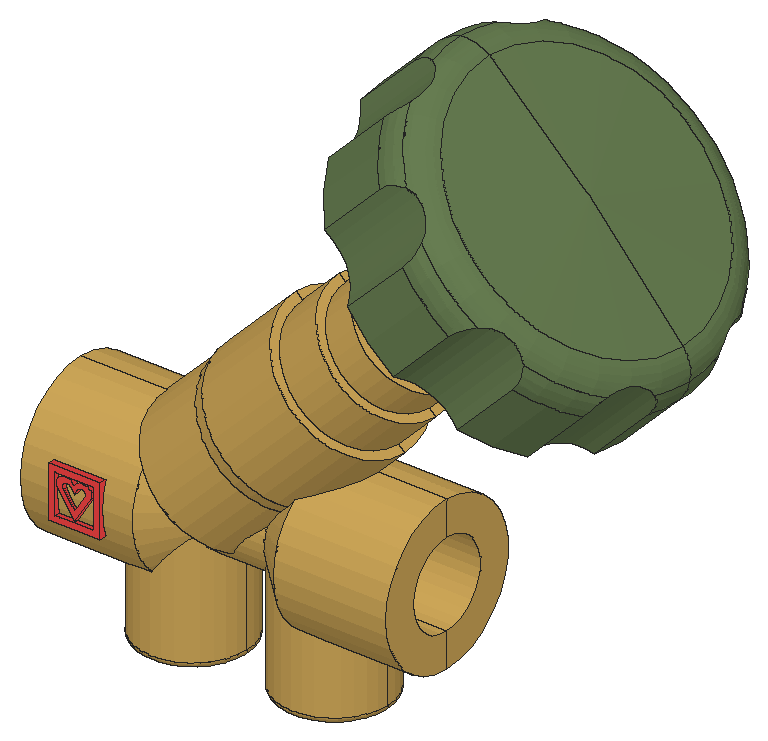
Revit family "Absperrventil 4125 WD", category Rohrzubehör, Revit 2018
Family settings
  Bemaßung runder Anschluss = Durchmesser verwenden
  Teiletyp = Unterbricht
  OmniClass-Nummer = 23.65.55.14
  OmniClass-Titel = Valves for Liquid Services
  Arbeitsebenenbasiert = Nein
  Immer vertikal = Ja
  Beim Laden mit Abzugskörper schneiden = Nein
  Gemeinsam genutzt = Nein
Parameters
  W01 = 45.00°  # constant formula
  URL = "www.herz-armaturen.at"
  Technische möglicher Einsatz = " "  # constant formula
  Spindel = "Messing CW617N"  # constant formula
  SW01 = 60.00°  # constant formula
  SC_NennweiteBerechnet = 0
  SC_Dimension = ""
  SCTWSEQ = "FW_SBT_TYP_FW=\"109\";2"
  SCTWCODE = "04;00;02"  # constant formula
  S03 = 60 mm  # constant formula
  S02 [instance] = L06 + L09 + L12 + L15  # 77.9 mm
  S01 [instance] = R01 * 2  # 27 mm
  R12 [instance] = R01 - 1 mm  # 12.5 mm
  R11 [instance] = size_lookup("4125WD_", "R11", 46.5 mm, Nennweite)  # 5.1 mm
  R100 = 1 mm  # constant formula
  R10 [instance] = size_lookup("4125WD_", "R10", 46.5 mm, Nennweite)  # 8 mm
  R09 [instance] = size_lookup("4125WD_", "R9", 46.5 mm, Nennweite)  # 10.5 mm
  R08 [instance] = size_lookup("4125WD_", "R8", 46.5 mm, Nennweite)  # 12 mm
  R07 [instance] = size_lookup("4125WD_", "R7", 46.5 mm, Nennweite)  # 13.5 mm
  R06 [instance] = size_lookup("4125WD_", "R6", 43 mm, Nennweite)  # 13 mm
  R05 [instance] = Nennweite / 2  # 7.5 mm
  R03 = 9.5 mm  # constant formula
  R02 [instance] = Nennweite / 2  # 7.5 mm
  R01 [instance] = size_lookup("4125WD_", "R1", 11.5 mm, Nennweite)  # 13.5 mm
  Oberteil = "entzinkungsbeständiges Messing CW626N"  # constant formula
  Nennweite [instance] = 15 mm
  Min. Durchfluss bei Dp 10 kPa [instance] = if(Nennweite = 15 mm, 0.5 L/s, if(Nennweite = 20 mm, 1.0 L/s, if(Nennweite = 25 mm, 1.75 L/s, if(Nennweite = 32 mm, 3.0 L/s, if(Nennweite = 40 mm, 4.0 L/s, if(Nennweite = 50 mm, 6.75 L/s, if(Nennweite = 65 mm, 11.0 L/s, if(Nennweite = 80 mm, 16.0 L/s, 0.0 L/s))))))))  # 0.5 L/s
  Medium = "Trinkwasser"  # constant formula
  Max. Gebrauchstemperatur (ÖVGW) = 65 °C  # constant formula
  Max. Differenzdruck auf geschlossenen Sitz = 1000000.0 Pa  # constant formula
  Max. Betriebstemperatur = 80 °C  # constant formula
  Max. Betriebsdruck (ÖVGW) = 1000000.0 Pa  # constant formula
  Max. Betriebsdruck = 2000000.0 Pa  # constant formula
  L16 [instance] = L01 / 2  # 10 mm
  L15 [instance] = size_lookup("4125WD_", "L15", 12.4 mm, Nennweite)  # 12.4 mm
  L14 [instance] = size_lookup("4125WD_", "L14", 81 mm, Nennweite)  # 6 mm
  L12 [instance] = size_lookup("4125WD_", "L12", 81 mm, Nennweite)  # 26 mm
  L11 [instance] = size_lookup("4125WD_", "L11", 60 mm, Nennweite)  # 6.7 mm
  L10 [instance] = size_lookup("4125WD_", "L10", 20 mm, Nennweite)  # 9.3 mm
  L09 [instance] = size_lookup("4125WD_", "L9", 11 mm, Nennweite)  # 17 mm
  L08 [instance] = size_lookup("4125WD_", "L8", 35 mm, Nennweite)  # 20 mm
  L07 [instance] = size_lookup("4125WD_", "L7", 35 mm, Nennweite)  # 12.5 mm
  L06 [instance] = size_lookup("4125WD_", "L6", 118 mm, Nennweite) - L09  # 22.5 mm
  L03 = 15 mm  # constant formula
  L02 [instance] = size_lookup("4125WD_", "L2", 22 mm, Nennweite)  # 6 mm
  L01 [instance] = size_lookup("4125WD_", "L1", 48 mm, Nennweite)  # 20 mm
  L00 [instance] = size_lookup("4125WD_", "L", 180 mm, Nennweite)  # 65 mm
  Kegel = "entzinkungsbeständiges Messing CW626N"  # constant formula
  Hinweis = "Gemäß Art 33 der REACH-Verordnung (EG Nr. 1907/2006) sind wir verpflichtet, darauf hinzuweisen, dass der Stoff Blei auf der SVHC-Liste geführt wird und dass alle aus Messing bestehenden Bauteile, die in unseren Erzeugnissen verarbeitet sind, mehr als 0,1 % (w/w) Blei (CAS: 7439-92-1 / EINECS: 231-100-4) enthalten.\r\nDa Blei als Legierungsbestandteil fest gebunden ist, sind keine Expositionen zu erwarten und daher sind keine zusätzlichen Angaben zur sicheren Verwendung notwendig."
  Hersteller = "HERZ Armaturen Ges.m.b.H."  # constant formula
  Handrad = "Kunststoff, grün"  # constant formula
  H01 [instance] = size_lookup("4125WD_", "H1", 53 mm, Nennweite)  # 24 mm
  Gelegentliche Temperaturanstiege = "bis 95°C, wenn sie nicht länger als 1 h andauern"  # constant formula
  Gehäuse = "entzinkungsbeständiges Gussmessing CC770S"  # constant formula
  Dichtungen = "EPDM nach KTW"  # constant formula
  DN80 [instance] = Nennweite = 80 mm  # no
  DN65 [instance] = Nennweite = 65 mm  # no
  DN50 [instance] = Nennweite = 50 mm  # no
  DN40 [instance] = Nennweite = 40 mm  # no
  DN32 [instance] = Nennweite = 32 mm  # no
  DN25 [instance] = Nennweite = 25 mm  # no
  DN20 [instance] = Nennweite = 20 mm  # no
  DN15 [instance] = Nennweite = 15 mm  # yes
  Bestellnummer [instance] = size_lookup("4125WD_", "Artnr", 0, Nennweite)  # 2412561
  Anwendungsgebiet = "Zum Absperren von Trinkwasserleitungen in Gebäuden."
Reference planes
  plane 1 "Mitte (Vorne/hinten)": y = 0
  plane 2: z = 0
  plane 3 "Mitte (Links/rechts)": x = 0
Forms (mm)
  Revolve 1, solid, material "Messing, weicher Gelbton, geschweißt", detail levels fine
    sketch origin (470, 0, 0) x (1, 0, 0) y (0, 0, 1)
      loop
        line (-502.5, 7.5) -> (-487.5, 7.5) -> (-487.5, 0) -> (-452.5, 0) -> (-452.5, 7.5) -> (-437.5, 7.5) -> (-437.5, 13.5) -> (-457.5, 13.5) -> (-464, 7.5) -> (-476, 7.5) -> (-482.5, 13.5) -> (-502.5, 13.5) -> (-502.5, 7.5)
      axis (-502.5, 0) -> (-437.5, 0)
    angle from 0 to 360
  Revolve 2, solid, material "Messing, weicher Gelbton, geschweißt", detail levels fine
    sketch origin (470, 0, 0) x (1, 0, 0) y (0, 0, 1)
      loop
        line (-492, 0) -> (-492, -23)
        arc (-492, -23) -> (-491.707, -23.707) -> (-491, -24) r 1
        line (-491, -24) -> (-482.5, -24) -> (-482.5, 0) -> (-492, 0)
      axis (-482.5, 0) -> (-482.5, -24)
    angle from 0 to 360
  Revolve 3, solid, material "Messing, weicher Gelbton, geschweißt", detail levels fine
    sketch origin (-470, 0, 0) x (-1, 0, 0) y (0, 0, 1)
      loop
        line (-492, 0) -> (-492, -23)
        arc (-492, -23) -> (-491.707, -23.707) -> (-491, -24) r 1
        line (-491, -24) -> (-482.5, -24) -> (-482.5, 0) -> (-492, 0)
      axis (-482.5, 0) -> (-482.5, -24)
    angle from 0 to 360
  Revolve 4, solid, material "Messing, weicher Gelbton, geschweißt", detail levels fine
    sketch origin (0.32, 0, -0.105) x (1, 0, 0) y (0, 0, 1)
      loop
        line (-12.82, 0) -> (42.264, 55.084) -> (38.657, 58.69) -> (29.889, 49.922) -> (27.839, 51.972) -> (20.767, 44.901) -> (19, 46.669) -> (14.262, 41.931) -> (13.201, 42.992) -> (6.625, 36.416) -> (5.565, 37.477) -> (-6.456, 25.456) -> (-7.87, 23.335) -> (-17.77, 13.435) -> (-18.123, 5.303) -> (-12.82, 0)
      axis (-12.82, 0) -> (42.264, 55.084)
    angle from 0 to 360
Lines and regions (mm)
  model lines, detail levels coarse+medium
    curve 1: line (-32.5, 0, 13.5) -> (-32.5, 0, -13.5)
    curve 2: line (-32.5, 0, -13.5) -> (32.5, 0, 13.5)
    curve 3: line (32.5, 0, 13.5) -> (32.5, 0, -13.5)
    curve 4: line (32.5, 0, -13.5) -> (-32.5, 0, 13.5)
    curve 5: line (0, 0, 0) -> (38.95, 0, 67.463)
    curve 6: line (12.969, 0, 82.463) -> (64.931, 0, 52.463)
    curve 7: line (-32.5, 13.5, 0) -> (-32.5, -13.5, 0)
    curve 8: line (-32.5, -13.5, 0) -> (32.5, 13.5, 0)
    curve 9: line (32.5, 13.5, 0) -> (32.5, -13.5, 0)
    curve 10: line (32.5, -13.5, 0) -> (-32.5, 13.5, 0)
    curve 11: line (0, 0, 0) -> (38.95, 67.463, 0)
    curve 12: line (12.969, 82.463, 0) -> (64.931, 52.463, 0)
Dimensions and locks
  "H01": plane 2 to Revolve 2 sketch curve
  "L00": Revolve 1 sketch curve to Revolve 1 sketch curve
  equal spacing: Revolve 1 sketch curve, plane 3 "Mitte (Links/rechts)", Revolve 1 sketch curve
  "R01": Revolve 1 sketch curve to Revolve 1 sketch curve  (x2)
  "R02": Revolve 1 sketch curve to Revolve 1 sketch curve  (x3)
  "L01": Revolve 1 sketch curve to Revolve 1 sketch curve  (x2)
  "L02": plane 3 "Mitte (Links/rechts)" to Revolve 1 sketch curve
  "L02": Revolve 1 sketch curve to plane 3 "Mitte (Links/rechts)"
  "L03": Revolve 1 sketch curve to Revolve 1 sketch curve  (x2)
  "L01": Revolve 1 to Revolve 2 sketch curve
  "R03": Revolve 2 sketch curve to Revolve 2 sketch curve
  "L01": Revolve 3 sketch curve to Revolve 1
  "R03": Revolve 3 sketch curve to Revolve 3 sketch curve
  "H01": plane 2 to Revolve 3 sketch curve
  "R07": Revolve 4 sketch curve to Revolve 4 sketch curve
  "L07": plane 3 "Mitte (Links/rechts)" to Revolve 4 sketch curve
  "R05": Revolve 4 sketch curve to Revolve 4 sketch curve
  "L06": Revolve 4 sketch curve to Revolve 4 sketch curve
  "L08": Revolve 4 sketch curve to Revolve 4 sketch curve
  "R06": Revolve 4 sketch curve to Revolve 4 sketch curve
  "L14": Revolve 4 sketch curve to Revolve 4 sketch curve
  "L09": Revolve 4 sketch curve to Revolve 4 sketch curve
  "R08": Revolve 4 sketch curve to Revolve 4 sketch curve
  "L10": Revolve 4 sketch curve to Revolve 4 sketch curve
  "R09": Revolve 4 sketch curve to Revolve 4 sketch curve
  "R10": Revolve 4 sketch curve to Revolve 4 sketch curve
  "L12": Revolve 4 sketch curve to Revolve 4 sketch curve
  "R11": Revolve 4 sketch curve to Revolve 4 sketch curve
  "L15": Revolve 4 sketch curve to Revolve 4 sketch curve
  "L11": Revolve 4 sketch curve to Revolve 4 sketch curve
  "R12": nested 9 to plane 1 "Mitte (Vorne/hinten)"
  "L16": Revolve 1 to nested 9
  equal spacing: curve 1, plane 3 "Mitte (Links/rechts)", curve 3
  "L00": curve 1 to curve 3
  equal spacing: curve 4, plane 2, curve 2
  "S01": curve 4 to curve 2
  equal spacing: curve 3, plane 2, curve 4
  "S01": curve 3 to curve 4
  "S02": curve 5 to curve 5
  equal spacing: curve 6, curve 5, curve 6
  "S03": curve 6 to curve 6
  equal spacing: curve 7, plane 3 "Mitte (Links/rechts)", curve 9
  "L00": curve 7 to curve 9
  equal spacing: curve 8, plane 1 "Mitte (Vorne/hinten)", curve 10
  "S01": curve 10 to curve 8
  equal spacing: curve 10, plane 1 "Mitte (Vorne/hinten)", curve 9
  "S01": curve 9 to curve 10
  "S02": curve 11 to curve 11
  equal spacing: curve 12, curve 11, curve 12
  "S03": curve 12 to curve 12
  "R100": radius of Revolve 2 sketch curve
  "R100": radius of Revolve 3 sketch curve
  "W01": angle plane 2 to Revolve 4 sketch curve
  "W01": angle level to Revolve 4 sketch curve
  "SW01": angle plane 2 to curve 5
  "SW01": angle plane 1 "Mitte (Vorne/hinten)" to curve 11
  aligned and locked: level to plane 2
Automatic sketch dimensions
  curve 5 to level = 0 mm
  plane 1 "Mitte (Vorne/hinten)" to curve 11 = 0 mm
  Revolve 1 sketch curve to level = 0 mm  (x2)
  Revolve 1 sketch curve to Revolve 1 sketch curve = 791.99 mm
  Revolve 1 sketch curve to Revolve 1 sketch curve = 2278.983 mm
  Revolve 2 sketch curve to level = 0 mm  (x2)
  Revolve 2 sketch curve to Revolve 2 sketch curve = 0 mm
  Revolve 2 sketch curve to Revolve 2 sketch curve = 0.292 mm
  Revolve 3 sketch curve to level = 0 mm  (x2)
  Revolve 3 sketch curve to Revolve 3 sketch curve = 0 mm
  Revolve 3 sketch curve to Revolve 3 sketch curve = 0.292 mm
  Revolve 4 sketch curve to level = 0.105 mm
  Revolve 4 sketch curve to Revolve 4 sketch curve = 0 mm  (x2)
Nested families
  nested 1: "Strömax-Handrad_Schrägsitz (Grün)" at (42.584, 0, 54.979), visible <- "DN15", type "Strömax-Handrad_Schrägsitz (Grün)", detail levels fine
    with Nennweite 0 mm, Gewicht 0.00 kg, Bestellnummer 0
  nested 2: "Strömax-Handrad_Schrägsitz (Grün)" at (54.312, 0, 67.707), visible <- "DN20", type "Strömax-Handrad_Schrägsitz (Grün)", detail levels fine
    with Nennweite 0 mm, Gewicht 0.00 kg, Bestellnummer 0
  nested 3: "Strömax-Handrad_Schrägsitz (Grün)" at (62.469, 0, 80.364), visible <- "DN25", type "Strömax-Handrad_Schrägsitz (Grün)", detail levels fine
    with Nennweite 0 mm, Gewicht 0.00 kg, Bestellnummer 0
  nested 4: "Strömax-Handrad_Schrägsitz (Grün)" at (71.712, 0, 91.607), visible <- "DN32", type "Strömax-Handrad_Schrägsitz (Grün)", detail levels fine
    with Nennweite 0 mm, Gewicht 0.00 kg, Bestellnummer 0
  nested 5: "Strömax-Handrad_Schrägsitz (Grün)" at (80.399, 0, 101.294), visible <- "DN40", type "Strömax-Handrad_Schrägsitz (Grün)", detail levels fine
    with Nennweite 0 mm, Gewicht 0.00 kg, Bestellnummer 0
  nested 6: "Strömax-Handrad_Schrägsitz (Grün)" at (97.83, 0, 129.225), visible <- "DN50", type "Strömax-Handrad_Schrägsitz (Grün)", detail levels fine
    with Nennweite 0 mm, Gewicht 0.00 kg, Bestellnummer 0
  nested 7: "Strömax-Handrad_Schrägsitz (Grün)" at (114.482, 0, 149.378), visible <- "DN65", type "Strömax-Handrad_Schrägsitz (Grün)", detail levels fine
    with Nennweite 0 mm, Gewicht 0.00 kg, Bestellnummer 0
  nested 8: "Strömax-Handrad_Schrägsitz (Grün)" at (140.423, 0, 183.319), visible <- "DN80", type "Strömax-Handrad_Schrägsitz (Grün)", detail levels fine
    with Nennweite 0 mm, Gewicht 0.00 kg, Bestellnummer 0
  nested 9: "Herz-Logo-vorne" at (-22.5, -13.232, 0) x (0, 1, 0) z (0, 0, 1), type "Herz-Logo-vorne", detail levels fine
Connectors
  piping at (-17.5, 0, 0), diameter 15, driven by "Nennweite"
    settings: on Revolve 1, index 1, connector inside diameter 609.6 mm, connector length 0 mm, flow factor 0, pipe flow 0.0 L/s, pressure drop 0.0 Pa, fitting loss kfactor 0, connector angle 0.00°, fixture units 0, engagement length 0 mm, angle of deflection 0.00°, flow configuration 0, flow direction 1, fitting loss method 0, system type 29, joint type 0, gender type 0, connector reference index -1, connector utility 0, adjustable connector no, is connector primary yes, connector description ""
  piping at (17.5, 0, 0), diameter 15, driven by "Nennweite"
    settings: on Revolve 1, index 2, connector inside diameter 609.6 mm, connector length 0 mm, flow factor 0, pipe flow 0.0 L/s, pressure drop 0.0 Pa, fitting loss kfactor 0, connector angle 0.00°, fixture units 0, engagement length 0 mm, angle of deflection 0.00°, flow configuration 0, flow direction 2, fitting loss method 0, system type 29, joint type 0, gender type 0, connector reference index -1, connector utility 0, adjustable connector no, is connector primary no, connector description ""
Definition of nested family "Strömax-Handrad_Schrägsitz (Grün)"
  Parameters (values of type "Strömax-Handrad_Schrägsitz (Grün)")
    URL = "www.herz-armaturen.at"
    Nennweite [instance] = 0 mm
    Manufacturer = "Herz Armaturen GmbH"  # constant formula
    Gewicht [instance] = 0.00 kg
    Bestellnummer [instance] = 0
  Reference planes
    plane 1 "Mitte (Vorne/hinten)": y = 0
    plane 2: z = 0
    plane 3 "Mitte (Links/rechts)": x = 0
  Forms (mm)
    Revolve 1, solid
      sketch origin (0, 0, 0) x (0.707107, 0, -0.707107) y (0.707107, 0, 0.707107)
        loop
          line (0, 0) -> (0, 22)
          arc (0, 22) -> (-12.15, 21.705) -> (-24.271, 20.819) r 250
          arc (-24.271, 20.819) -> (-26.831, 19.959) -> (-28.754, 18.063) r 6
          arc (-28.754, 18.063) -> (-29.682, 16.008) -> (-30, 13.776) r 8
          line (-30, 13.776) -> (-30, 0) -> (0, 0)
        axis (0, 22) -> (0, 0)
      angle from 0 to 360
    Extrusion 2, void
      sketch origin (0, 0, 0) x (0.707107, 0, -0.707107) y (0, 1, 0)
        loop
          circle (14.351, -34.645) r 10
      from 0 to 22
    Extrusion 3, void
      sketch origin (0, 0, 0) x (-0.707107, 0, 0.707107) y (0, -1, 0)
        loop
          circle (14.351, 34.645) r 10
      from 0 to 22
    Extrusion 4, void
      sketch origin (0, 0, 0) x (0, -1, 0) y (0.707107, 0, -0.707107)
        loop
          circle (14.351, 34.645) r 10
      from 0 to 22
    Extrusion 5, void
      sketch origin (0, 0, 0) x (0, 1, 0) y (-0.707107, 0, 0.707107)
        loop
          circle (14.351, -34.645) r 10
      from 0 to 22
    Extrusion 6, void
      sketch origin (0, 0, 0) x (0, -1, 0) y (0.707107, 0, -0.707107)
        loop
          circle (14.351, -34.645) r 10
      from 0 to 22
    Extrusion 7, void
      sketch origin (0, 0, 0) x (0, 1, 0) y (-0.707107, 0, 0.707107)
        loop
          circle (14.351, 34.645) r 10
      from 0 to 22
    Extrusion 8, void
      sketch origin (0, 0, 0) x (0.707107, 0, -0.707107) y (0, 1, 0)
        loop
          circle (14.351, 34.645) r 10
      from 0 to 22
    Extrusion 9, void
      sketch origin (0, 0, 0) x (-0.707107, 0, 0.707107) y (0, -1, 0)
        loop
          circle (14.351, -34.645) r 10
      from 0 to 22
  Cuts and joins
    Extrusion 2, Extrusion 3, Extrusion 4, Extrusion 5, Extrusion 6, Extrusion 7, Extrusion 8, Extrusion 9 cuts Revolve 1
  Dimensions and locks
    aligned and locked: level to plane 2
Definition of nested family "Herz-Logo-vorne"
  Reference planes
    plane 1 "Mitte (Vorne/hinten)": y = 0
    plane 2: z = 0
    plane 3 "Mitte (Links/rechts)": x = 0
  Forms (mm)
    Extrusion 1, solid
      sketch origin (0.732, -0.018, 0.017) x (0, -1, 0) y (0, 0, 1)
        loop
          line (-0.018, -4.517) -> (4.482, -4.517) -> (4.482, 4.483) -> (-4.518, 4.483) -> (-4.518, -4.517) -> (-0.018, -4.517)
        loop
          line (-0.05, -3.48) -> (3.482, -3.48) -> (3.482, 3.483) -> (-3.518, 3.483) -> (-3.518, -3.48) -> (-0.05, -3.48)
        loop
          arc (-0.018, 2.383) -> (-1.543, 3.287) -> (-3.067, 2.383) r 1.738
          arc (-3.067, 2.383) -> (-3.191, 1.899) -> (-3.067, 1.415) r 1.009
          line (-3.067, 1.415) -> (-0.018, -3.281) -> (3.032, 1.415)
          arc (3.032, 1.415) -> (3.156, 1.899) -> (3.032, 2.383) r 1.009
          arc (3.032, 2.383) -> (1.507, 3.287) -> (-0.018, 2.383) r 1.738
        loop
          arc (1.885, 1.272) -> (2.005, 1.675) -> (1.885, 2.079) r 0.74
          arc (1.885, 2.079) -> (1.265, 2.416) -> (0.644, 2.079) r 0.74
          line (0.644, 2.079) -> (-0.018, 0.97) -> (-0.679, 2.079)
          arc (-0.679, 2.079) -> (-1.3, 2.416) -> (-1.921, 2.079) r 0.74
          arc (-1.921, 2.079) -> (-2.04, 1.675) -> (-1.921, 1.272) r 0.74
          line (-1.921, 1.272) -> (-0.018, -1.658) -> (1.885, 1.272)
      from 0 to 1.5
  Dimensions and locks
    aligned and locked: level to plane 2
